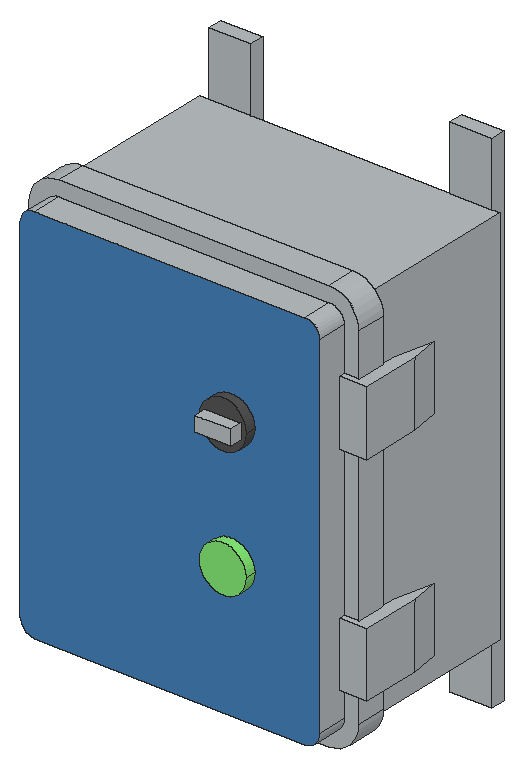
Revit family "Controls_BlueGiant_SP2", category Specialty Equipment, Revit 2026
Family settings
  Round Connector Dimension = Use Diameter
  Part Type = Normal
  Work Plane-Based = Yes
  Enable Cutting in Views = No
  Always vertical = No
  Cut with Voids When Loaded = No
  Maintain Annotation Orientation = No
  Shared = No
  Room Calculation Point = No
Parameters (values of type "With AutoPark Feature")
  Warranty Duration (Years) = 0
  Voltage_MEP = 0 V
  Unit Width = 0' - 6 1/2"
  Unit Height = 0' - 8 1/2"
  Unit Depth = 0' - 4"
  URL = "http://www.bluegiant.com/"
  Specification = "http://www.arcat.com/specwizard/clients/bluegian.html?coid=38505"
  SpecWizard = "http://www.arcat.com/specwizard/11160blu/index.htm?mf=&coid=38505"
  Send Message = "http://admin.arcat.com/users.pl?action=UserEmail&company=Blue%20Giant%20Equipment%20Corp.&coid=38505&rep=119&fax=905-457-2313&mf="
  Sales Information = "http://www.bluegiant.com/Loading_Dock_Dealer_Locations.html"
  Product Properties = "http://www.arcat.com/bim/bim_info.pl?fn=DockEquipment_BlueGiant"
  Product Data = "http://www.arcat.com/arcatcos/cos38/arc38505.html"
  Mounting Height = 5' - 6"
  Model = "SP2-A"
  Manufacturer Website = "http://www.bluegiant.com/"
  Manufacturer Phone - Toll Free = "800-668-7078 "
  Manufacturer Phone = "905-457-3900 "
  Manufacturer Fax = "905-457-2313"
  Manufacturer Address = "85 Heart Lake Rd. S.; Brampton; ON; Canada L6W 3K2"
  Manufacturer = "Blue Giant Equipment Corp."
  Maintenance Schedule (Months) = 0
  MEP Amperage = 0 A
  Keynote = "11160"
  Installation_Fabricaton = "http://www.bluegiant.com/Guide/Loading_Dock_Equipment.html"
  Installation Phase = ""
  Green Building-LEED = "http://www.arcat.com/green/clients/leed_data_38505.html"
  Expected Lifespan (Years) = 0
  Panel Material = Metal - Blue Giant - Zinc Coated Steel
  Drawn By = "Sumex Design, Inc. / Robert S. Weygant. CSI, CDT, SCIP"
  Description = "Blue Giant SP2 Control Box with AutoPark"
  Default Elevation = 4' - 0"
  Copyright = "©Arcat Inc."
  Construction Details = "http://www.arcat.com/details/bluegian/bluegian.html?coid=38505"
  AutoPark = yes
  Assembly Code = "E1030300"
Types (2): name | Model | Description | AutoPark
  With AutoPark Feature | "SP2-A" | "Blue Giant SP2 Control Box with AutoPark" | yes
  Basic | "SP2" | "Blue Giant SP2 Control Box" | no
Reference planes (in)
  plane 1 "Center (Front/Back)": y = -31.29095
  plane 2: z = 0
  plane 3 "Center": x = 909.25628
  plane 4 "Left": x = 912.50628
  plane 5 "Right": x = 906.00628
  plane 6 "Front": z = 66
  plane 7: z = 57.5
  plane 8: y = -35.29095
  plane 9: z = 62.89997
  plane 10: z = 63.98035
  plane 11: z = 60.36837
  plane 12: z = 59.293
Forms (in)
  Extrusion 1, solid, material "Metal - Blue Giant - Zinc Coated Steel" <- "Panel Material"
    sketch origin (0, -31.29095, 0) x (1, 0, 0) y (0, 0, 1)
      loop
        arc (907.00628, 65.1875) -> (906.65272, 65.04105) -> (906.50628, 64.6875) r 0.5
        line (906.50628, 64.6875) -> (906.50628, 58.8125)
        arc (906.50628, 58.8125) -> (906.65272, 58.45895) -> (907.00628, 58.3125) r 0.5
        line (907.00628, 58.3125) -> (911.50628, 58.3125)
        arc (911.50628, 58.3125) -> (911.85983, 58.45895) -> (912.00628, 58.8125) r 0.5
        line (912.00628, 58.8125) -> (912.00628, 64.6875)
        arc (912.00628, 64.6875) -> (911.85983, 65.04105) -> (911.50628, 65.1875) r 0.5
        line (911.50628, 65.1875) -> (907.00628, 65.1875)
    from 3 to 3.5
  Extrusion 2, solid, material "Metal - Blue Giant - Blue Zinc Coated Steel"
    sketch origin (0, -31.29095, 0) x (1, 0, 0) y (0, 0, 1)
      loop
        line (911.50628, 64.9375) -> (907.00628, 64.9375)
        arc (907.00628, 64.9375) -> (906.8295, 64.86428) -> (906.75628, 64.6875) r 0.25
        line (906.75628, 64.6875) -> (906.75628, 58.8125)
        arc (906.75628, 58.8125) -> (906.8295, 58.63572) -> (907.00628, 58.5625) r 0.25
        line (907.00628, 58.5625) -> (911.50628, 58.5625)
        arc (911.50628, 58.5625) -> (911.68305, 58.63572) -> (911.75628, 58.8125) r 0.25
        line (911.75628, 58.8125) -> (911.75628, 64.6875)
        arc (911.75628, 64.6875) -> (911.68305, 64.86428) -> (911.50628, 64.9375) r 0.25
    from 3.5 to 4
  Extrusion 3, solid, material "Metal - Blue Giant - Zinc Coated Steel" <- "Panel Material"
    sketch origin (0, 0, 0) x (1, 0, 0) y (0, 1, 0)
      loop
        line (906.50272, -34.25334) -> (907.25272, -34.25334) -> (907.25272, -33.75334) -> (906.50272, -33.75334)
        arc (906.50272, -33.75334) -> (906.25272, -34.00334) -> (906.50272, -34.25334) r 0.25
      loop
        line (911.75628, -34.90507) -> (912.22891, -34.90507) -> (912.22891, -33.90507) -> (912.16087, -33.42092) -> (912.00628, -34.04095) -> (912.00628, -34.54095) -> (911.75628, -34.54095) -> (911.75628, -34.90507)
    from 62.89997 to 63.98035
  Extrusion 4, solid, material "Metal - Blue Giant - Zinc Coated Steel" <- "Panel Material"
    sketch origin (0, 0, 0) x (1, 0, 0) y (0, 1, 0)
      loop
        line (906.50272, -34.25334) -> (907.25272, -34.25334) -> (907.25272, -33.75334) -> (906.50272, -33.75334)
        arc (906.50272, -33.75334) -> (906.25272, -34.00334) -> (906.50272, -34.25334) r 0.25
      loop
        line (911.75628, -34.90507) -> (912.22891, -34.90507) -> (912.22891, -33.90507) -> (912.16087, -33.42092) -> (912.00628, -34.04095) -> (912.00628, -34.54095) -> (911.75628, -34.54095) -> (911.75628, -34.90507)
    from 59.293 to 60.36837
  Extrusion 5, solid, material "Metal - Blue Giant - Zinc Coated Steel" <- "Panel Material"
    sketch origin (0, -31.29095, 0) x (1, 0, 0) y (0, 0, 1)
      loop
        line (911.75628, 58.5625) -> (911.75628, 64.9375) -> (906.75628, 64.9375) -> (906.75628, 58.5625) -> (911.75628, 58.5625)
    from 0.25 to 3
  Extrusion 6, solid, material "Metal - Blue Giant - Zinc Coated Steel" <- "Panel Material"
    sketch origin (909.25628, 0, 0) x (0, 1, 0) y (0, 0, 1)
      loop
        line (-31.29095, 57.5) -> (-31.29095, 66) -> (-31.54095, 66) -> (-31.54095, 57.5) -> (-31.29095, 57.5)
    from -2.354 to -1.65961
  Extrusion 7, solid
    sketch origin (0, 0, 0) x (1, 0, 0) y (0, 1, 0)
      loop
        circle (907.06915, -33.11744) r 0.25
      loop
        circle (908.31915, -33.11744) r 0.25
      loop
        circle (909.25628, -33.11744) r 0.25
      loop
        circle (910.63128, -33.11744) r 0.25
    from 58.5625 to 59.293
  Extrusion 8, solid, material "Metal - Blue Giant - Zinc Coated Steel" <- "Panel Material"
    sketch origin (909.25628, 0, 0) x (0, 1, 0) y (0, 0, -1)
      loop
        line (-31.29095, -57.5) -> (-31.54095, -57.5) -> (-31.54095, -66) -> (-31.29095, -66) -> (-31.29095, -57.5)
    from -2.354 to -1.65961
  Extrusion 9, solid, material "Plastic - Blue Giant - Green Button"
    sketch origin (0, -35.29095, 0) x (1, 0, 0) y (0, 0, 1)
      loop
        circle (910.27293, 60.82449) r 0.3917
    from 0 to 0.16716
  Extrusion 10, solid, material "Metal - Blue Giant - Black", visible <- "AutoPark"
    sketch origin (0, -35.29095, 2.15625) x (1, 0, 0) y (0, 0, 1)
      loop
        circle (910.27293, 60.82449) r 0.3917
    from 0 to 0.16716
  Extrusion 11, solid, material "Metal - Blue Giant - Zinc Coated Steel", visible <- "AutoPark"
    sketch origin (0, -35.29095, 0) x (1, 0, 0) y (0, 0, 1)
      loop
        line (910.56993, 62.85574) -> (910.56993, 63.10574) -> (909.97593, 63.10574) -> (909.97593, 62.85574) -> (910.56993, 62.85574)
    from 0.16716 to 0.38349
Lines and regions (in)
  Split face 1
    outline origin (0, -35.29095, 0) x (1, 0, 0) y (0, 0, 1)
      loop
        line (909.02538, 63.82024) -> (909.02538, 62.07024) -> (911.42094, 62.07024) -> (911.42094, 63.82024) -> (909.02538, 63.82024)
  Split face 2
    outline origin (0, -35.29095, 0) x (1, 0, 0) y (0, 0, 1)
      loop
        line (909.02538, 61.50123) -> (909.02538, 60.00123) -> (911.42094, 60.00123) -> (911.42094, 61.50123) -> (909.02538, 61.50123)
Dimensions and locks (in)
  equal spacing: plane 5 "Right", plane 3 "Center", plane 4 "Left"
  "Unit Width": plane 5 "Right" to plane 4 "Left"
  "Mounting Height": plane 6 "Front" to level
  "Unit Height": plane 6 "Front" to plane 7
  "Unit Depth": plane 1 "Center (Front/Back)" to plane 8
  plane 6 "Front" to plane 10 to plane 9 to plane 11 to plane 12 = 0' - 2.01965" locked, 0' - 1.08038" locked, 0' - 2.5316" locked, 0' - 1.07537" locked
  locked: Extrusion 9 sketch curve to plane 11 at 0.45612
  locked: plane 10 to Extrusion 10 sketch curve at 0.99961
  locked: plane 9 to Extrusion 11 sketch curve at 0.04423
  locked: Extrusion 11 sketch curve to Extrusion 11 sketch curve at 0.25
  plane 10 to Split face 1 sketch curve to Split face 1 sketch curve = 0' - 0.16011" locked, 0' - 1 3/4" locked
  Split face 2 sketch curve to plane 11 to Split face 2 sketch curve = 0' - 1.13287" locked, 0' - 0.36713" locked
  locked: Extrusion 2 sketch curve to plane 7 at 1.0625
  aligned and locked: Extrusion 7 to plane 12
  aligned and locked: Extrusion 7 to Extrusion 2
  aligned and locked: Extrusion 3 to plane 10
  aligned and locked: plane 9 to Extrusion 3
  aligned and locked: Extrusion 4 to plane 11
  aligned and locked: plane 12 to Extrusion 4
  aligned and locked: Extrusion 2 to plane 8
Automatic sketch dimensions
  Extrusion 1 sketch curve to plane 5 "Right" = 0' - 0 1/2"
  Extrusion 1 sketch curve to Extrusion 1 sketch curve = 0' - 0 1/2"  (x2)
  plane 4 "Left" to Extrusion 1 sketch curve = 0' - 1"  (x2)
  plane 4 "Left" to Extrusion 1 sketch curve = 0' - 0 1/2"
  plane 7 to Extrusion 1 sketch curve = 0' - 0 13/16"
  Extrusion 1 sketch curve to plane 10 = 0' - 0.70715"
  Extrusion 2 sketch curve to plane 5 "Right" = 0' - 0 3/4"
  Extrusion 2 sketch curve to Extrusion 2 sketch curve = 0' - 0 1/4"  (x3)
  plane 4 "Left" to Extrusion 2 sketch curve = 0' - 1"  (x2)
  Extrusion 2 sketch curve to plane 10 = 0' - 0.70715"
  Extrusion 3 sketch curve to plane 5 "Right" = 0' - 0.49645"
  Extrusion 3 sketch curve to Extrusion 3 sketch curve = 0' - 0 3/4"
  plane 4 "Left" to Extrusion 3 sketch curve = 0' - 0 3/4"
  Extrusion 3 sketch curve to Extrusion 3 sketch curve = 0' - 0 1/4"  (x2)
  plane 4 "Left" to Extrusion 3 sketch curve = 0' - 0.34541"
  Extrusion 3 sketch curve to Extrusion 3 sketch curve = 0' - 0.22263"
  plane 8 to Extrusion 3 sketch curve = 0' - 0.38587"
  Extrusion 3 sketch curve to Extrusion 3 sketch curve = 0' - 0.36413"
  plane 8 to Extrusion 3 sketch curve = 0' - 1.0376"
  Extrusion 3 sketch curve to Extrusion 3 sketch curve = 0' - 0 1/2"
  Extrusion 3 sketch curve to Extrusion 3 sketch curve = 0' - 0.13587"
  Extrusion 3 sketch curve to Extrusion 3 sketch curve = 0' - 0.48416"
  Extrusion 4 sketch curve to plane 5 "Right" = 0' - 0.49645"
  Extrusion 4 sketch curve to Extrusion 4 sketch curve = 0' - 0 3/4"
  plane 4 "Left" to Extrusion 4 sketch curve = 0' - 0 3/4"
  Extrusion 4 sketch curve to Extrusion 4 sketch curve = 0' - 0 1/4"  (x2)
  plane 4 "Left" to Extrusion 4 sketch curve = 0' - 0.34541"
  Extrusion 4 sketch curve to Extrusion 4 sketch curve = 0' - 0.22263"
  plane 8 to Extrusion 4 sketch curve = 0' - 0.38587"
  Extrusion 4 sketch curve to Extrusion 4 sketch curve = 0' - 0.36413"
  plane 8 to Extrusion 4 sketch curve = 0' - 1.0376"
  Extrusion 4 sketch curve to Extrusion 4 sketch curve = 0' - 0 1/2"
  Extrusion 4 sketch curve to Extrusion 4 sketch curve = 0' - 0.13587"
  Extrusion 4 sketch curve to Extrusion 4 sketch curve = 0' - 0.48416"
  Extrusion 5 sketch curve to plane 5 "Right" = 0' - 0 3/4"
  plane 4 "Left" to Extrusion 5 sketch curve = 0' - 0 3/4"
  plane 12 to Extrusion 5 sketch curve = 0' - 0.7305"
  Extrusion 5 sketch curve to plane 10 = 0' - 0.95715"
  Extrusion 6 sketch curve to plane 7 = 0' - 0"
  Extrusion 6 sketch curve to plane 6 "Front" = 0' - 0"
  Extrusion 6 sketch curve to plane 1 "Center (Front/Back)" = 0' - 0"
  Extrusion 6 sketch curve to Extrusion 6 sketch curve = 0' - 0 1/4"
  Extrusion 7 sketch curve to plane 3 "Center" = 0' - 0"
  Extrusion 7 sketch curve to plane 3 "Center" = 0' - 0.93713"
  Extrusion 7 sketch curve to plane 5 "Right" = 0' - 1.06287"
  Extrusion 7 sketch curve to Extrusion 7 sketch curve = 0' - 1 3/8"
  plane 1 "Center (Front/Back)" to Extrusion 7 sketch curve = 0' - 1.8265"
  Extrusion 7 sketch curve to Extrusion 7 sketch curve = 0' - 0"  (x3)
  Extrusion 8 sketch curve to plane 7 = 0' - 0"
  Extrusion 8 sketch curve to plane 6 "Front" = 0' - 0"
  Extrusion 8 sketch curve to plane 1 "Center (Front/Back)" = 0' - 0"
  Extrusion 8 sketch curve to Extrusion 8 sketch curve = 0' - 0 1/4"
  Extrusion 9 sketch curve to Extrusion 2 = 0' - 1.48335"
  Extrusion 10 sketch curve to Extrusion 2 = 0' - 1.48335"
  Extrusion 11 sketch curve to Extrusion 2 = 0' - 1.78035"
  Extrusion 11 sketch curve to Extrusion 11 sketch curve = 0' - 0.59401"
  Split face 1 sketch curve to Extrusion 2 = 0' - 2.2691"
  Split face 1 sketch curve to Extrusion 2 = 0' - 0.33533"
  Split face 2 sketch curve to Extrusion 2 = 0' - 2.2691"
  Split face 2 sketch curve to Extrusion 2 = 0' - 0.33533"
  radius of Extrusion 7 sketch curve = 0' - 0 1/4"  (x4)
  radius of Extrusion 9 sketch curve = 0' - 0.3917"
  radius of Extrusion 10 sketch curve = 0' - 0.3917"
Connectors (in)
  electrical at (907.06915, -33.11744, 58.5625)
    settings: on Extrusion 7, index 3, voltage 0 V, apparent load 0 VA, apparent load phase1 0 VA, apparent load phase2 0 VA, apparent load phase3 0 VA, power factor 1, load classification "Other", number of poles 1, system type 31, power factor state 1, is connector primary yes, connector utility no, sub classification motor no, connector description "MAIN POWER"
  electrical at (907.06915, -33.11744, 58.5625)
    settings: on Extrusion 7, index 4, voltage 0 V, apparent load 0 VA, apparent load phase1 0 VA, apparent load phase2 0 VA, apparent load phase3 0 VA, power factor 1, load classification "Other", number of poles 1, system type 13, power factor state 1, is connector primary no, connector utility no, sub classification motor no, connector description "TO RESTRAINT"
